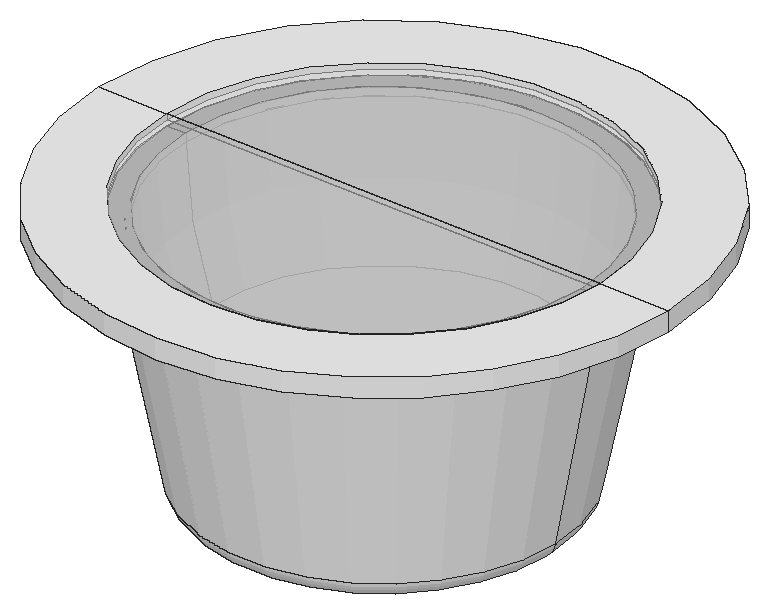
Revit family "2060563+2028034 Sylvania Lighting Fixture ASCENT 100 II ARCH 2700 3K DALI EMG 160 with IP44 Clear Glass", category Lighting Fixtures, host Face, Revit 2016
Family settings
  Host = Face
  Part Type = Normal
  Round Connector Dimension = Use Diameter
  OmniClass Number = 23.80.70.11.17
  OmniClass Title = Specialized Lighting by Location or Use
  Cut with Voids When Loaded = No
  Light Source = Yes
  Shared = No
  Room Calculation Point = No
Parameters (values of type "2060563+2028034 ASCT100 II ARCH 2700 3K DALI EMG 160 with IP44 Clear Glass")
  WidthBezelAcc_SYL = 25.0 mm
  Weight = "1.92 kg"
  Wattage = 23 W
  WarrantyStartDate [instance] = "n/a"
  WarrantyGuarantorParts = "n/a"
  WarrantyDurationUnit = "n/a"
  WarrantyDurationParts = "n/a"
  WarrantyDescription = "n/a"
  built-in parameter 1150110 = 1 (stored number, unit not read)
  Voltage = 0 V
  VisibilityAccessory_SYL = yes
  TypeName = "ASCENT 100 II ARCH 2700 3K DALI EMG 160"
  built-in parameter 1114217 = 1 (stored number, unit not read)
  Tilt Angle = -90°
  built-in parameter 1150109 = 1 (stored number, unit not read)
  built-in parameter 1150134 = (empty or 0)
  built-in parameter 1150113 = 1 (stored number, unit not read)
  SerialNumber [instance] = "n/a"
  ReflectorRadius_SYL = Radius_SYL - 14.5 mm  # 80.0 mm
  RadiusAcc_SYL = 105.0 mm
  Radius_SYL = 94.5 mm
  URL = "http://www.sylvania-lighting.com"
  PowerFactor = 0
  PowerConsumption = "23 W"
  Photometric Web File = "2060563.ies"
  NominalWidth = 0.0 mm
  NominalLength = 0.0 mm
  NominalHeight = 94.0 mm
  Name = "ASCENT 100 II ARCH 2700 3K DALI EMG 160"
  ModelReference = "ASCENT 100 II ARCH 2700 3K DALI EMG 160"
  ModelNumber = "2060563+2028034"
  Material_4_SYL = none
  Material_3_SYL = Polycarbonate_Sylvania_Ascent_Clear
  Material_2_SYL = Aluminium_Sylvania_Ascent_Silver
  Material_1_SYL = Aluminum_Sylvania_Ascent_White
  Material = "aluminium housing, arcylic diffuser"
  ManufacturerName = "Feilo Sylvania"
  LuminousEfficacy = "115 lm/W"
  built-in parameter 1150105 = 210.48 (stored number, unit not read)
  Lumens = 2645 lm
  LuminaireType = ""
  built-in parameter 1150115 = 1 (stored number, unit not read)
  LightOutputRatio = "100"
  built-in parameter 1150137 = (empty or 0)
  built-in parameter 1150139 = (empty or 0)
  LampsType = Lamp  # "LED"
  LampNominalLuminous = "2649 lm"
  LampMacAdamStep = "3"
  LampColourTemperature = "3000 K"
  LampColourRenderingIndex = "80"
  built-in parameter 1150112 = 1 (stored number, unit not read)
  built-in parameter 1150114 = 1 (stored number, unit not read)
  Keynote = "16500"
  InstallationDate [instance] = "n/a"
  InputVoltage = "n/a"
  InputNominalFrequency = "n/a"
  built-in parameter 1150132 = (empty or 0)
  built-in parameter 1150102 = (empty or 0)
  built-in parameter 1150107 = 3000 (stored number, unit not read)
  built-in parameter 1150138 = (empty or 0)
  IngressProtection = "IP44"
  ImpactProtectionIndex = "IK02"
  built-in parameter 1150106 = 2.1048 (stored number, unit not read)
  IfcExportType = "IfcLightFixtureType"
  IfcExportAs = "IfcLightFixtureType"
  Height_SYL = 94.0 mm
  HeightAcc_SYL = 7.0 mm
  ExpectedLife = 50000
  EmittionSurface_SYL = if(VisibilityAccessory_SYL, 7.0 mm, 3.0 mm)  # 7.0 mm
  Emit from Circle Diameter = DiffuserRadius_SYL * 2  # 146.0 mm
  Emit Shape Visible in Rendering = no
  ElectricShockClassification = "Class II"
  built-in parameter 1150104 = 10.684 (stored number, unit not read)
  DurationUnit = "hours"
  DocumentationLiterature = "http://www.sylvania-lighting.com/product/en-int/products/2060563"
  DimmingControlOptions = "n/a"
  Dimming Lamp Color Temperature Shift = <None>
  DiffuserRadius_SYL = ReflectorRadius_SYL - 7.0 mm  # 73.0 mm
  Diameter_SYL = 2 * Radius_SYL  # 189.0 mm
  CutoutDiameter_SYL = Diameter_SYL - 13.0 mm  # 176.0 mm
  CreatedOn = "9/17/2018"
  CreatedBy = "@sylvania-lighting.com"
  Color Filter = 16777215
  built-in parameter 1114216 [instance] = 1 (stored number, unit not read)
  Model = "ASCENT 100 II ARCH 2700 3K DALI EMG 160"
  Manufacturer = "Feilo Sylvania"
  Lamp = "LED"
  Description = "Direct LED retro fit for original LED 100 Arch (160) single CFL lamp offering Matching lumen levels and improved light distribution of original LED 100 CFL lamp equivalents Typically half the power consumption compared to CFL Up to 112lm/W 160mm aperture Architectural reflector accepts range of glass accessories from existing LED 100 Arch 160 offering HE, HO and VHO versions equivalent of single 1 x 18W, 1 x 32W, 1 x 42W\r\n Additional VVHO versions which offer the performance circa 2 x 32W equivalent"  # constant formula
  Default Elevation = 0.0 mm
  built-in parameter 1140040 [instance] = 1
  BarCode [instance] = "n/a"
  built-in parameter 1114218 = 1 (stored number, unit not read)
  built-in parameter 1150133 = 10 (stored number, unit not read)
  AssetType = "Fixed"
  AssetIdentifier [instance] = "n/a"
  Assembly Code = "D5020200"
  Apparent Load = 23 VA
  Aperture_SYL = 2 * ReflectorRadius_SYL  # 160.0 mm
Types (2, lengths in mm): name | Wattage | TypeName | Photometric Web File | Name | ModelReference | built-in parameter 1150105 | Lumens | built-in parameter 1150106 | Model | Apparent Load
  2060563+2028034 ASCT100 II ARCH 2700 3K DALI EMG 160 with IP44 Clear Glass | 23 W | "ASCENT 100 II ARCH 2700 3K DALI EMG 160" | "2060563.ies" | "ASCENT 100 II ARCH 2700 3K DALI EMG 160" | "ASCENT 100 II ARCH 2700 3K DALI EMG 160" | 210.48 (stored number, unit not read) | 2645 lm | 2.1048 (stored number, unit not read) | "ASCENT 100 II ARCH 2700 3K DALI EMG 160" | 23 VA
  2060563+2028034 ASCT100 II ARCH 2700 3K DALI EMG 160 with IP44 Clear Glass Emergency mode | 1.55652 W | "ASCT100 II ARCH 2700 3K DALI EMG 160 with IP44 Clear Glass Emergency mode" | "2060563EM.ies" | "ASCT100 II ARCH 2700 3K DALI EMG 160 with IP44 Clear Glass Emergency mode" | "ASCT100 II ARCH 2700 3K DALI EMG 160 with IP44 Clear Glass Emergency mode" | 14.244 (stored number, unit not read) | 179 lm | 0.14244 (stored number, unit not read) | "ASCT100 II ARCH 2700 3K DALI EMG 160 with IP44 Clear Glass Emergency mode" | 1.55652 VA
Reference planes
  plane 1 "Center (Front/Back)": y = 0
  plane 2: z = 0
  plane 3 "Center (Left/Right)": x = 0
  plane 4 "Fixture Bottom": z = 3
  plane 5: z = -52.5
  plane 6 "Fixture Top": z = -91
  plane 7: x = -105
  plane 8: z = 7
  plane 9: x = -80
  plane 10: z = 5
  plane 11: x = -103
Forms (mm)
  Extrusion 1, solid, material "Aluminum_Sylvania_Ascent_White", detail levels fine
    sketch origin (0, 0, 0) x (1, 0, 0) y (0, 1, 0)
      loop
        circle (0, 0) r 94.5
      loop
        circle (0, 0) r 80
    from 0 to 3
  Extrusion 2, void
    sketch origin (0, 0, 0) x (1, 0, 0) y (0, 1, 0)
      loop
        circle (0, 0) r 88
    from -91 to 3
  Revolve 3, solid, material "Aluminum_Sylvania_Ascent_White" <- "Material_1_SYL", detail levels fine
    sketch origin (0, 0, 0) x (1, 0, 0) y (0, 0, 1)
      loop
        line (0, -91.073) -> (0, -89.023) -> (-55.468, -89.014)
        arc (-55.468, -89.014) -> (-59.352, -87.613) -> (-61.54, -84.139) r 6.307
        line (-61.54, -84.139) -> (-77.991, -2.844) -> (-77.991, 0) -> (-80, 0) -> (-80, -3) -> (-63.5, -84.536)
        arc (-63.5, -84.536) -> (-60.643, -89.203) -> (-55.5, -91.073) r 8.291
        line (-55.5, -91.073) -> (0, -91.073)
      axis (0, 0) -> (0, -91.073)
    angle from 0 to 360
  Revolve 4, solid, material "Aluminium_Sylvania_Ascent_Silver" <- "Material_2_SYL", detail levels fine
    sketch origin (0, 0, 0) x (1, 0, 0) y (0, 0, 1)
      loop
        line (-80, 3) -> (-80, 0) -> (-75, 0)
        arc (-75, 0) -> (-72.349, -26.77) -> (-64.5, -52.5) r 136.5
        line (-64.5, -52.5) -> (-58, -52.5)
        arc (-58, -52.5) -> (-56.857, -61.521) -> (-53.5, -69.971) r 36.166
        line (-53.5, -69.971) -> (0, -69.971) -> (0, -50.5) -> (-63.16, -50.5)
        arc (-63.16, -50.5) -> (-70.517, -25.725) -> (-73, 0) r 134.5
        line (-73, 0) -> (-73, 3) -> (-80, 3)
      axis (0, 3) -> (0, -69.971)
    angle from 0 to 360
  Extrusion 5, solid, material "Polycarbonate_Sylvania_Ascent_Clear" <- "Material_3_SYL", detail levels fine
    sketch origin (0, 0, 0) x (1, 0, 0) y (0, 1, 0)
      loop
        circle (0, 0) r 73
    from 0 to 3
  Revolve 6, solid, material "Aluminum_Sylvania_Ascent_White" <- "Material_1_SYL", detail levels coarse+medium
    sketch origin (0, 0, 0) x (1, 0, 0) y (0, 0, 1)
      loop
        line (0, -91.073) -> (0, 3) -> (-94.5, 3) -> (-94.5, 0) -> (-79.5, 0) -> (-79.5, -3) -> (-63, -84.536)
        arc (-63, -84.536) -> (-60.143, -89.203) -> (-55, -91.073) r 8.291
        line (-55, -91.073) -> (0, -91.073)
      axis (0, 3) -> (0, -91.073)
    angle from 0 to 360
  Revolve 7, solid, material "Aluminum_Sylvania_Ascent_White" <- "Material_1_SYL", visible <- "VisibilityAccessory_SYL"
    sketch origin (0, 0, 0) x (1, 0, 0) y (0, 0, 1)
      loop
        line (-105, 0) -> (-103, 0) -> (-103, 5) -> (-80, 5) -> (-80, 7) -> (-105, 7) -> (-105, 0)
      axis (0, 7) -> (0, 0)
    angle from 0 to 360
  Revolve 8, solid, material "Polycarbonate_Sylvania_Ascent_Clear" <- "Material_3_SYL", visible <- "VisibilityAccessory_SYL"
    sketch origin (0, 0, 0) x (1, 0, 0) y (0, 0, 1)
      loop
        line (-80, 7) -> (-80, 5) -> (0, 5) -> (0, 7) -> (-80, 7)
      axis (0, 7) -> (0, 5)
    angle from 0 to 360
Lines and regions (mm)
  reference lines
    curve 1: line (-150, 0, 7) -> (125, 0, 7)
Dimensions and locks
  locked: plane 4 "Fixture Bottom" to plane 2 at 3
  "Height_SYL": plane 4 "Fixture Bottom" to plane 6 "Fixture Top"
  "ReflectorRadius_SYL": plane 3 "Center (Left/Right)" to Revolve 4 sketch curve
  locked: Revolve 4 sketch curve to Revolve 4 sketch curve at 15.5
  locked: Revolve 4 sketch curve to Revolve 4 sketch curve at 5
  locked: Revolve 4 sketch curve to Revolve 4 sketch curve at 7
  locked: Revolve 4 sketch curve to Revolve 4 sketch curve at 22
  locked: Revolve 4 sketch curve to Revolve 4 sketch curve at 26.5
  locked: Revolve 3 sketch curve to Revolve 3 sketch curve at 16.5
  locked: Revolve 3 sketch curve to Revolve 3 sketch curve at 24.5
  "ReflectorRadius_SYL": Revolve 3 sketch curve to plane 3 "Center (Left/Right)"
  locked: Revolve 3 sketch curve to plane 6 "Fixture Top" at 6.464
  locked: plane 2 to Revolve 3 sketch curve at 3
  locked: Revolve 3 sketch curve to Revolve 3 sketch curve at 2
  locked: Revolve 3 sketch curve to Revolve 3 sketch curve at 2.009
  locked: plane 2 to plane 5 at 52.5
  locked: Revolve 6 sketch curve to Revolve 6 sketch curve at 31.5
  locked: Revolve 6 sketch curve to Revolve 6 sketch curve at 39.5
  locked: Revolve 6 sketch curve to Revolve 6 sketch curve at 15
  "Radius_SYL": plane 3 "Center (Left/Right)" to Revolve 6 sketch curve
  "RadiusAcc_SYL": plane 3 "Center (Left/Right)" to plane 7
  "HeightAcc_SYL": plane 8 to level
  "WidthBezelAcc_SYL": plane 7 to plane 9
  locked: plane 7 to plane 11 at 2
  locked: plane 8 to plane 10 at 2
  "EmittionSurface_SYL": curve 1 to level
  "CutoutDiameter_SYL": diameter of Extrusion 2 sketch curve
  "ReflectorRadius_SYL": radius of Extrusion 1 sketch curve
  "DiffuserRadius_SYL": radius of Extrusion 5 sketch curve
  "Radius_SYL": radius of Extrusion 1 sketch curve
  aligned and locked: host face to plane 2
  aligned and locked: host face to level
  aligned and locked: plane 4 "Fixture Bottom" to Extrusion 1
  aligned and locked: Extrusion 1 to plane 2
  aligned and locked: Revolve 3 sketch curve to plane 3 "Center (Left/Right)"
  aligned and locked: Revolve 4 sketch curve to plane 3 "Center (Left/Right)"  (x2)
  aligned and locked: plane 4 "Fixture Bottom" to Revolve 4 sketch curve
  aligned and locked: Extrusion 5 to plane 2
  aligned and locked: plane 2 to Revolve 3 sketch curve  (x2)
  aligned and locked: Revolve 6 sketch curve to plane 3 "Center (Left/Right)"
  aligned and locked: plane 6 "Fixture Top" to Extrusion 2
  aligned and locked: Revolve 7 sketch curve to plane 3 "Center (Left/Right)"
  aligned and locked: host face to Revolve 7 sketch curve  (x2)
  aligned and locked: Revolve 7 sketch curve to plane 7
  aligned and locked: plane 8 to Revolve 7 sketch curve
  aligned and locked: plane 9 to Revolve 7 sketch curve
  aligned and locked: Revolve 7 sketch curve to plane 10
  aligned and locked: plane 11 to Revolve 7 sketch curve
  aligned and locked: Revolve 7 to Revolve 8 sketch curve
  aligned and locked: Revolve 8 sketch curve to Revolve 7  (x2)
  aligned and locked: Revolve 8 sketch curve to plane 3 "Center (Left/Right)"  (x2)
  aligned and locked: plane 3 "Center (Left/Right)" to imposter light
  aligned and locked: imposter light to plane 1 "Center (Front/Back)"
  aligned and locked: imposter light to curve 1
Automatic sketch dimensions
  plane 1 "Center (Front/Back)" to Extrusion 2 sketch curve = 0.0 mm
  Extrusion 2 sketch curve to plane 3 "Center (Left/Right)" = 0.0 mm
  Extrusion 1 sketch curve to Extrusion 1 sketch curve = 0.0 mm  (x2)
  plane 1 "Center (Front/Back)" to Extrusion 1 sketch curve = 0.0 mm
  Extrusion 1 sketch curve to plane 3 "Center (Left/Right)" = 0.0 mm
  plane 6 "Fixture Top" to Revolve 3 sketch curve = 0.073 mm
  Revolve 3 sketch curve to plane 6 "Fixture Top" = 6.861 mm
  Revolve 3 sketch curve to Revolve 3 sketch curve = 0.003 mm
  Revolve 3 sketch curve to Revolve 3 sketch curve = 0.009 mm  (x2)
  Revolve 3 sketch curve to Revolve 3 sketch curve = 0.023 mm
  Revolve 3 sketch curve to Revolve 3 sketch curve = 0.072 mm
  Revolve 3 sketch curve to Revolve 3 sketch curve = 0.008 mm
  Revolve 3 sketch curve to plane 6 "Fixture Top" = 1.977 mm
  Revolve 3 sketch curve to Revolve 3 sketch curve = 33.496 mm
  Revolve 3 sketch curve to Revolve 3 sketch curve = 0.028 mm
  plane 4 "Fixture Bottom" to Revolve 3 sketch curve = 82.431 mm
  Revolve 4 sketch curve to Revolve 4 sketch curve = 0.0 mm  (x2)
  Revolve 4 sketch curve to plane 5 = 0.0 mm
  Revolve 4 sketch curve to level = 0.0 mm
  plane 5 to Revolve 4 sketch curve = 2.0 mm
  plane 4 "Fixture Bottom" to Revolve 4 sketch curve = 9.642 mm
  plane 1 "Center (Front/Back)" to Extrusion 5 sketch curve = 0.0 mm
  Extrusion 5 sketch curve to plane 3 "Center (Left/Right)" = 0.0 mm
  Revolve 4 sketch curve to level = 69.971 mm
  Revolve 4 sketch curve to Revolve 4 sketch curve = 2.387 mm
  Revolve 6 sketch curve to level = 0.0 mm
  Revolve 6 sketch curve to plane 3 "Center (Left/Right)" = 0.0 mm
  Revolve 6 sketch curve to Revolve 6 sketch curve = 8.104 mm
  Revolve 6 sketch curve to level = 3.0 mm
  Revolve 6 sketch curve to plane 6 "Fixture Top" = 6.464 mm
  plane 6 "Fixture Top" to Revolve 6 sketch curve = 0.073 mm
  Revolve 6 sketch curve to Revolve 6 sketch curve = 33.496 mm
  plane 4 "Fixture Bottom" to Revolve 6 sketch curve = 82.431 mm
  host sketch curve to host sketch curve = 1704.996 mm
  host sketch curve to host sketch curve = 1500.0 mm
  plane 6 "Fixture Top" to Revolve 7 sketch curve = 281.274 mm
  Revolve 7 sketch curve to plane 8 = 1140.706 mm
  plane 6 "Fixture Top" to Revolve 8 sketch curve = 281.274 mm
  Revolve 8 sketch curve to Revolve 8 sketch curve = 1140.706 mm
  Revolve 3 sketch curve to plane 3 "Center (Left/Right)" = 0.0 mm
  Revolve 6 sketch curve to plane 4 "Fixture Bottom" = 0.0 mm
  plane 7 to curve 1 = 45.0 mm
  plane 3 "Center (Left/Right)" to curve 1 = 125.0 mm
Connectors
  electrical at (0, 0, -91.073), driven by "Apparent Load"
    settings: on Revolve 3, index 1, voltage 240 V, apparent load 0 VA, apparent load phase1 23 VA, apparent load phase2 0 VA, apparent load phase3 0 VA, power factor 1, load classification "Lighting", number of poles 1, system type 31, power factor state 1, is connector primary yes, connector utility no, sub classification motor no, connector description ""
